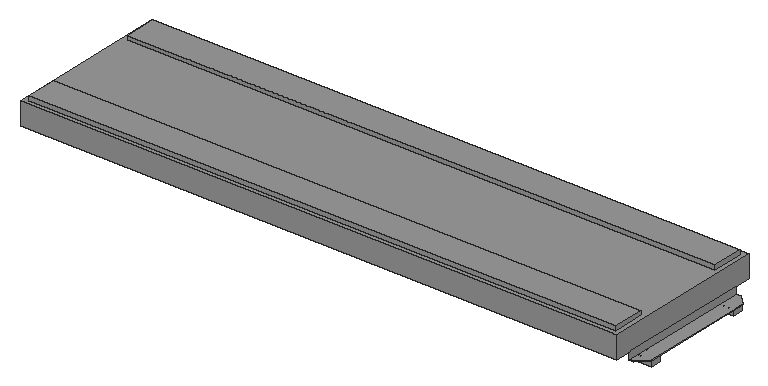
Revit family "44064", category Lighting Fixtures, host Face, Revit 2018
Family settings
  Host = Face
  Round Connector Dimension = Use Diameter
  Part Type = Normal
  OmniClass Number = 23.80.70.00
  OmniClass Title = Lighting
  Cut with Voids When Loaded = No
  Light Source = Yes
  Shared = No
  Room Calculation Point = No
Parameters (values of type "0044064 SPORTSBAY DALI 12KLM 840 EM")
  box length = 1160 mm
  Width = 320 mm
  Weight = "n/a"
  Wattage Comments = ""
  Wattage = 9.2903 W
  WarrantyStartDate [instance] = "n/a"
  WarrantyGuarantorParts = "n/a"
  WarrantyDurationUnit = "n/a"
  WarrantyDurationParts = ""
  WarrantyDescription = "http://www.sylvania-lighting.com"
  built-in parameter 1150110 = 1 (stored number, unit not read)
  Voltage = 0 V
  URL = "0.98"
  TypeName = "Sportsbay Dali 12klm 840 EM"
  Type Image = <None>
  Type Comments = "n/a"
  built-in parameter 1114217 = 1 (stored number, unit not read)
  Tilt Angle = -90.00°
  built-in parameter 1150109 = 1 (stored number, unit not read)
  built-in parameter 1150134 = 3
  built-in parameter 1150113 = 1 (stored number, unit not read)
  SerialNumber [instance] = "n/a"
  Photometric Web File = "0044064EM.IES"
  Material_3_SYL = none
  PowerFactor = 0
  PowerConsumption = "Lighting"
  NominalLength = 320 mm
  NominalHeight = 76 mm
  NominalDepth = 320 mm
  Name = "Sportsbay Dali 12klm 840 EM"
  ModelReference = Name  # "Sportsbay Dali 12klm 840 EM"
  ModelNumber = "0044064"
  Model = Name  # "Sportsbay Dali 12klm 840 EM"
  Material = "Feilo Sylvania"
  ManufacturerName = "151 lm/W"
  Manufacturer = ""
  LuminousEfficacy = ""
  built-in parameter 1150105 = 109.82 (stored number, unit not read)
  Lumens = 1380 lm
  LuminaireType = "0"
  built-in parameter 1150115 = 1 (stored number, unit not read)
  LightOutputRatio = "LED"
  built-in parameter 1150137 = (empty or 0)
  built-in parameter 1150139 = (empty or 0)
  Length = 1220 mm
  LampsType = Lamp  # "n/a"
  LampNominalLuminous = "4000 K"
  LampMacAdamStep = "80"
  LampColourTemperature = "LED"
  LampColourRenderingIndex = "16500"
  built-in parameter 1150112 = 1 (stored number, unit not read)
  built-in parameter 1150114 = 1 (stored number, unit not read)
  Lamp = "n/a"
  Keynote = "n/a"
  InstallationDate [instance] = "n/a"
  InputVoltage = "0"
  InputNominalFrequency = "4000"
  built-in parameter 1150132 = (empty or 0)
  built-in parameter 1150102 = (empty or 0)
  built-in parameter 1150107 = 3200 (stored number, unit not read)
  built-in parameter 1150138 = (empty or 0)
  IngressProtection = "IfcLightFixtureType"
  ImpactProtectionIndex = "IfcLightFixtureType"
  built-in parameter 1150106 = 1.0982 (stored number, unit not read)
  IfcExportType = "IfcLightFixtureType"
  IfcExportAs = "Class I"
  Height = 76 mm
  Emit from Circle Diameter = 609.6 mm
  Emit Shape Visible in Rendering = no
  ElectricShockClassification = "151"
  built-in parameter 1150104 = 13.8 (stored number, unit not read)
  DocumentationLiterature = "http://www.sylvania-lighting.com/product/en-int/products/0044064"
  DimmingControlOptions = "n/a"
  Material_2_SYL = none
  Dimming Lamp Color Temperature Shift = <None>
  Description = ""
  Default Elevation = 1219.2 mm
  CreatedOn = "26/09/2023"
  CreatedBy = "@sylvania-lighting.com"
  Cost = 0
  Color Filter = 16777215
  built-in parameter 1114216 [instance] = (empty or 0)
  ClassificationValue = "EF_70_80"
  ClassificationName = "Uniclass2015"
  Material_1_SYL = none
  BarCode [instance] = "n/a"
  built-in parameter 1114218 = 1 (stored number, unit not read)
  built-in parameter 1150133 = 10 (stored number, unit not read)
  AssetType = "Fixed"
  AssetIdentifier [instance] = "n/a"
  Assembly Code = "D5020200"
  Apparent Load = 85 VA
  Material_4_SYL = none
Reference planes
  plane 1 "Center (Front/Back)": y = 0
  plane 2: z = 0
  plane 3 "Center (Left/Right)": x = 0
  plane 4: x = -610
  plane 5: x = 610
  plane 6: y = 160
  plane 7: y = -160
  plane 8: z = 76
  plane 9: z = 1
  plane 10: y = 130
  plane 11: y = -130
  plane 12: x = -580
  plane 13: x = -590
  plane 14: y = 110
  plane 15: y = -110
  plane 16: x = -590
  plane 17: x = -581
  plane 18: z = 11
  plane 19: z = 68
  plane 20: z = 25
  plane 21: x = 590
  plane 22: x = -608.5
  plane 23: y = 90
  plane 24: x = -583.5
  plane 25: x = -571
  plane 26: x = 571
  plane 27: y = 151
  plane 28: y = 90
Forms (mm)
  Extrusion 1, solid, material "Aluminum", detail levels medium+fine
    sketch origin (0, 0, 0) x (1, 0, 0) y (0, 1, 0)
      loop
        line (-590, 130) -> (-610, 110) -> (-610, -110) -> (-590, -130) -> (-580, -130) -> (-580, 130) -> (-590, 130)
    from 11 to 12
  Extrusion 2, solid, material "Aluminum", detail levels medium+fine
    sketch origin (0, 0, 0) x (1, 0, 0) y (0, 1, 0)
      loop
        line (-581, 130) -> (-581, -130) -> (-580, -130) -> (-580, 130) -> (-581, 130)
    from 11 to 25
  Extrusion 3, solid, material "Aluminum", detail levels medium+fine
    sketch origin (0, 0, 0) x (-1, 0, 0) y (0, -1, 0)
      loop
        line (-590, -130) -> (-580, -130) -> (-580, 130) -> (-590, 130) -> (-610, 110) -> (-610, -110) -> (-590, -130)
    from 11 to 12
  Extrusion 4, solid, material "Aluminum", detail levels medium+fine
    sketch origin (0, 0, 0) x (-1, 0, 0) y (0, -1, 0)
      loop
        line (-581, -130) -> (-580, -130) -> (-580, 130) -> (-581, 130) -> (-581, -130)
    from 11 to 25
  Extrusion 5, solid, material "Aluminum", detail levels medium+fine
    sketch origin (1524, -324.9, 1219.2) x (1, 0, 0) y (0, 0, 1)
      loop
        line (-943, -1151.2) -> (-2105, -1151.2) -> (-2105, -1194.2) -> (-943, -1194.2) -> (-943, -1151.2)
    from -484.9 to -164.9
  Extrusion 6, solid, material "Aluminum", detail levels medium+fine
    sketch origin (0, 0, 0) x (1, 0, 0) y (0, 1, 0)
      loop
        line (-608.5, 110) -> (-608.5, 90) -> (-583.5, 90) -> (-583.5, 110) -> (-608.5, 110)
    from 0 to 11
  Extrusion 7, solid, material "Aluminum", detail levels medium+fine
    sketch origin (0, 0, 0) x (1, 0, 0) y (0, 1, 0)
      loop
        line (-608.5, -110) -> (-583.5, -110) -> (-583.5, -90) -> (-608.5, -90) -> (-608.5, -110)
    from 0 to 11
  Extrusion 8, solid, material "Aluminum", detail levels medium+fine
    sketch origin (0, 0, 0) x (-1, 0, 0) y (0, -1, 0)
      loop
        line (-608.5, -110) -> (-583.5, -110) -> (-583.5, -90) -> (-608.5, -90) -> (-608.5, -110)
    from 0 to 11
  Extrusion 9, solid, material "Aluminum", detail levels medium+fine
    sketch origin (0, 0, 0) x (-1, 0, 0) y (0, -1, 0)
      loop
        line (-608.5, 110) -> (-608.5, 90) -> (-583.5, 90) -> (-583.5, 110) -> (-608.5, 110)
    from 0 to 11
  Extrusion 10, solid, material "Glass, White, High Luminance", detail levels fine
    sketch origin (0, 0, 0) x (1, 0, 0) y (0, 1, 0)
      loop
        line (-571, 151) -> (-571, 90) -> (571, 90) -> (571, 151) -> (-571, 151)
    from 68 to 76
  Extrusion 11, solid, material "Glass, White, High Luminance", detail levels fine
    sketch origin (0, 0, 0) x (1, 0, 0) y (0, 1, 0)
      loop
        line (-571, -151) -> (571, -151) -> (571, -90) -> (-571, -90) -> (-571, -151)
    from 68 to 76
  Extrusion 12, solid, detail levels coarse
    sketch origin (0, 0, 0) x (1, 0, 0) y (0, 1, 0)
      loop
        line (-610, 160) -> (-610, -160) -> (610, -160) -> (610, 160) -> (-610, 160)
    from 0 to 76
Dimensions and locks
  equal spacing: plane 4, plane 3 "Center (Left/Right)", plane 5
  equal spacing: plane 6, plane 1 "Center (Front/Back)", plane 7
  plane 3 "Center (Left/Right)" to Extrusion 5 = 581 mm
  "Length": plane 4 to plane 5
  "Width": plane 6 to plane 7
  "Height": plane 8 to level
  aligned and locked: plane 2 to host face
  aligned and locked: level to host face
Automatic sketch dimensions
  host sketch curve to host sketch curve = 2438.4 mm  (x2)
  Extrusion 1 sketch curve to plane 4 = 0 mm
  Extrusion 1 sketch curve to plane 10 = 0 mm
  Extrusion 1 sketch curve to plane 13 = 0 mm  (x2)
  Extrusion 1 sketch curve to plane 11 = 0 mm
  Extrusion 1 sketch curve to plane 12 = 0 mm
  Extrusion 1 sketch curve to plane 15 = 0 mm
  Extrusion 1 sketch curve to plane 14 = 0 mm
  Extrusion 2 sketch curve to plane 11 = 0 mm
  Extrusion 2 sketch curve to plane 17 = 0 mm
  Extrusion 2 sketch curve to plane 12 = 0 mm
  Extrusion 2 sketch curve to plane 10 = 0 mm
  Extrusion 3 sketch curve to plane 5 = 0 mm
  Extrusion 3 sketch curve to plane 10 = 0 mm
  Extrusion 3 sketch curve to plane 21 = 0 mm  (x2)
  Extrusion 3 sketch curve to plane 11 = 0 mm
  Extrusion 3 sketch curve to plane 15 = 0 mm
  Extrusion 3 sketch curve to plane 14 = 0 mm
  Extrusion 3 sketch curve to plane 26 = 9 mm
  Extrusion 4 sketch curve to plane 11 = 0 mm
  Extrusion 4 sketch curve to plane 10 = 0 mm
  plane 21 to Extrusion 4 sketch curve = 9 mm
  Extrusion 4 sketch curve to Extrusion 4 sketch curve = 1 mm
  Extrusion 5 sketch curve to plane 17 = 0 mm
  Extrusion 5 sketch curve to plane 20 = 0 mm
  Extrusion 5 sketch curve to plane 19 = 0 mm
  Extrusion 5 sketch curve to plane 21 = 9 mm
  Extrusion 6 sketch curve to plane 22 = 0 mm
  Extrusion 6 sketch curve to plane 23 = 0 mm
  Extrusion 6 sketch curve to plane 24 = 0 mm
  Extrusion 6 sketch curve to plane 14 = 0 mm
  Extrusion 7 sketch curve to plane 22 = 0 mm
  Extrusion 7 sketch curve to plane 24 = 0 mm
  Extrusion 7 sketch curve to plane 15 = 0 mm
  Extrusion 7 sketch curve to plane 15 = 20 mm
  plane 23 to Extrusion 8 sketch curve = 0 mm
  Extrusion 8 sketch curve to plane 14 = 0 mm
  plane 5 to Extrusion 8 sketch curve = 1.5 mm
  plane 21 to Extrusion 8 sketch curve = 6.5 mm
  Extrusion 9 sketch curve to plane 15 = 0 mm
  Extrusion 9 sketch curve to plane 5 = 1.5 mm
  Extrusion 9 sketch curve to plane 21 = 6.5 mm
  Extrusion 9 sketch curve to Extrusion 9 sketch curve = 20 mm
  Extrusion 10 sketch curve to plane 23 = 0 mm
  Extrusion 10 sketch curve to plane 25 = 0 mm
  Extrusion 10 sketch curve to plane 26 = 0 mm
  Extrusion 10 sketch curve to plane 27 = 0 mm
  Extrusion 11 sketch curve to plane 25 = 0 mm
  Extrusion 11 sketch curve to plane 26 = 0 mm
  Extrusion 11 sketch curve to plane 15 = 20 mm
  Extrusion 11 sketch curve to plane 7 = 9 mm
  Extrusion 12 sketch curve to plane 4 = 0 mm
  Extrusion 12 sketch curve to plane 5 = 0 mm
  Extrusion 12 sketch curve to plane 7 = 0 mm
  Extrusion 12 sketch curve to plane 6 = 0 mm
Connectors
  electrical at (0, 0, 0), driven by "Apparent Load", driven by "PowerFactor", driven by "Voltage"
    settings: index 1, voltage 0 V, apparent load 85 VA, apparent load phase1 0 VA, apparent load phase2 0 VA, apparent load phase3 0 VA, power factor 0, load classification "Lighting", number of poles 1, system type 30, power factor state 1, is connector primary yes, connector utility no, sub classification motor no, connector description ""
